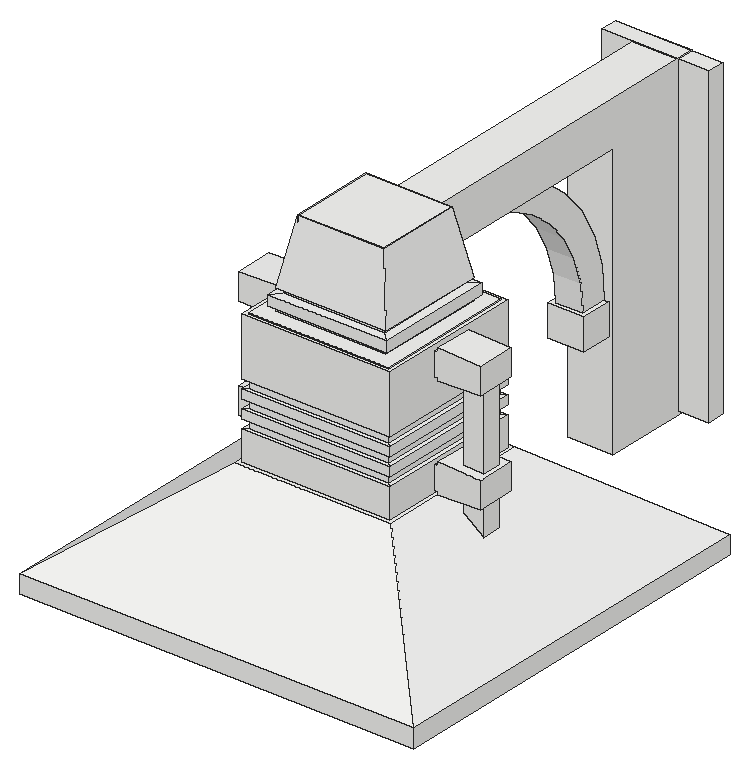
Revit family "PKWM_ANG_PSWM_BD", category Lighting Fixtures, Revit 2012 (continued)
Definition of nested family "PKWM"
  Types (109): name | Photometric Web File | built-in parameter 1150132
    PKWM-STR-Y4VD-32LED-5K-525 | "PKWM-STR-Y4VD-32LED-5K-525.IES" | (empty or 0)
    PKWM-STR-Y5VC-32LED-3K-350 | "PKWM-STR-Y5VC-32LED-3K-350.ies" | (empty or 0)
    PKWM-STR-Y5VC-32LED-3K-525 | "PKWM-STR-Y5VC-32LED-3K-525.IES" | (empty or 0)
    PKWM-STR-Y5VC-32LED-4K-350 | "PKWM-STR-Y5VC-32LED-4K-350.ies" | (empty or 0)
    PKWM-STR-Y5VC-32LED-4K-525 | "PKWM-STR-Y5VC-32LED-4K-525.IES" | (empty or 0)
    PKWM-STR-Y5VC-32LED-5K-350 | "PKWM-STR-Y5VC-32LED-5K-350.ies" | (empty or 0)
    PKWM-STR-Y5VC-32LED-5K-525 | "PKWM-STR-Y5VC-32LED-5K-525.IES" | (empty or 0)
    PKWM-STR-Y5VD-32LED-3K-350 | "PKWM-STR-Y5VD-32LED-3K-350.ies" | (empty or 0)
    PKWM-STR-Y5VD-32LED-3K-525 | "PKWM-STR-Y5VD-32LED-3K-525.IES" | (empty or 0)
    PKWM-STR-Y5VD-32LED-4K-350 | "PKWM-STR-Y5VD-32LED-4K-350.ies" | (empty or 0)
    PKWM-STR-Y5VD-32LED-4K-525 | "PKWM-STR-Y5VD-32LED-4K-525.IES" | (empty or 0)
    PKWM-STR-Y5VD-32LED-5K-350 | "PKWM-STR-Y5VD-32LED-5K-350.ies" | (empty or 0)
    PKWM-STR-Y5VD-32LED-5K-525 | "PKWM-STR-Y5VD-32LED-5K-525.IES" | 1
  Reference planes (in)
    plane 1 "Center (Front/Back)": y = 0.03999
    plane 2: z = 0
    plane 3 "Center (Left/Right)": x = -0.23896
  Forms (in)
    Extrusion 1, solid
      sketch origin (0, 0, 0.06357) x (1, 0, 0) y (0, 1, 0)
        loop
          line (-48, 48) -> (-48, -48) -> (48, -48) -> (48, 48) -> (-48, 48)
      from -0.06357 to -6.06357
  Lines and regions (in)
    reference lines
      curve 1: line (-0.23896, 0.03999, 18.11448) -> (-0.23896, 0.03999, -22.88552)
      curve 2: line (-0.23896, 0.03999, 34) -> (-0.23896, 0.03999, -22.88552)
      curve 3: line (-0.23896, 29.03999, 0) -> (-0.23896, -29.96001, 0)
      curve 4: line (-37.23896, 0.03999, 0) -> (40.76104, 0.03999, 0)
  Dimensions and locks (in)
    aligned and locked: plane 2 to Extrusion 1
    aligned and locked: level to Extrusion 1
    aligned and locked: plane 3 "Center (Left/Right)" to imposter light
    aligned and locked: imposter light to plane 1 "Center (Front/Back)"
    aligned and locked: curve 1 to plane 3 "Center (Left/Right)"
    aligned and locked: plane 1 "Center (Front/Back)" to curve 2
    aligned and locked: curve 3 to plane 3 "Center (Left/Right)"
    aligned and locked: plane 1 "Center (Front/Back)" to curve 4
Types (14): name | Photometric Web | Housing Finish | Glazing Type
  (no name) | PKWM : PKWM-ANG-T3-60LED-BW | Hubbell-Aluminum-Artic White | none
  PKWM ANG PSWM-ATG | PKWM : PKWM-ANG-T5-60LED-BW | Hubbell-Aluminum-Antique Green | none
  PKWM ANG PSWM-AWT | PKWM : PKWM-ANG-T3-60LED-BW | Hubbell-Aluminum-Artic White | none
  PKWM ANG PSWM-BLK | PKWM : PKWM-ANG-T3-60LED-BW | Hubbell-Aluminum-Black | Hubbell-Glass-Frosted
  PKWM ANG PSWM-MTB | PKWM : PKWM-ANG-T3-60LED-BW | Hubbell-Aluminum-Matte Black | Hubbell-Glass-Frosted
  PKWM ANG PSWM-DGN | PKWM : PKWM-ANG-T3-60LED-BW | Hubbell-Aluminum-Dark Green | Hubbell-Glass-Frosted
  PKWM ANG PSWM-DBZ | PKWM : PKWM-ANG-T3-60LED-BW | Hubbell-Aluminum-Dark Bronze | Hubbell-Glass-Frosted
  PKWM ANG PSWM-WRZ | PKWM : PKWM-ANG-T3-60LED-BW | Hubbell-Aluminum-Weathered Bronze | Hubbell-Glass-Frosted
  PKWM ANG PSWM-BRM | PKWM : PKWM-ANG-Y3HC-32LED-3K-700 | Hubbell-Aluminum-Metalic Bronze | Hubbell-Glass-Frosted
  PKWM ANG PSWM-VBL | PKWM : PKWM-ANG-T3-60LED-BW | Hubbell-Aluminum-Verde Blue | Hubbell-Glass-Frosted
  PKWM ANG PSWM-CRT | PKWM : PKWM-ANG-T3-60LED-BW | Hubbell-Aluminum-Corten | Hubbell-Glass-Frosted
  PKWM ANG PSWM-MAL | PKWM : PKWM-ANG-T3-60LED-BW | Hubbell-Aluminum-Matte | Hubbell-Glass-Frosted
  PKWM ANG PSWM-MDG | PKWM : PKWM-ANG-T3-60LED-BW | Hubbell-Aluminum-Medium Grey | Hubbell-Glass-Frosted
  PKWM ANG PSWM-LGY | PKWM : PKWM-ANG-T3-60LED-BW | Hubbell-Aluminum-Light Grey | Hubbell-Glass-Frosted
